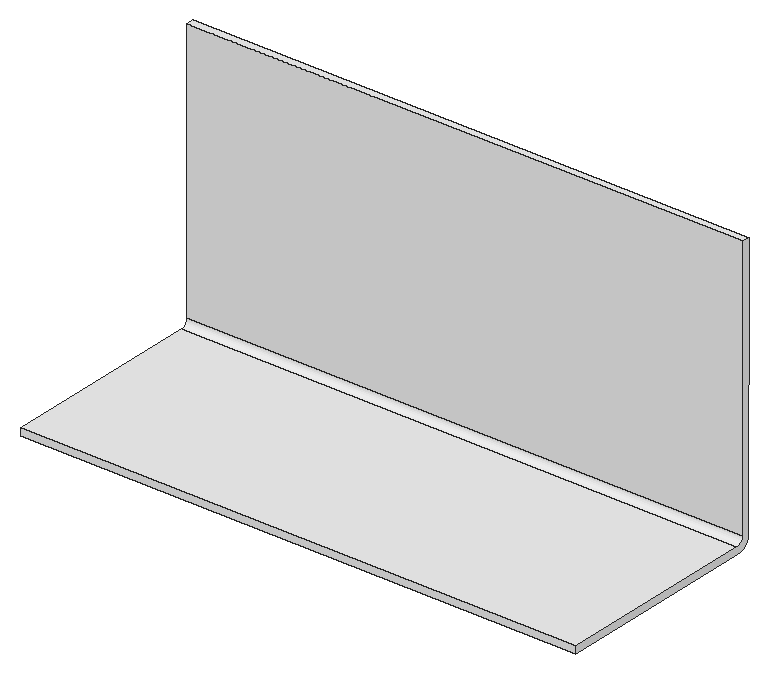
Revit family "JOMA_437", category Structural Connections, host Face, Revit 2017 (continued)
Nested families
  nested 72: "DetailItem5mm" at (110, -83, 0), visible <- "4370001 Spikmönster", type "DetailItem5mm"
  nested 73: "DetailItem5mm" at (-110, -33, 0), visible <- "4370001 Spikmönster", type "DetailItem5mm", not visible
  nested 74: "DetailItem5mm" at (-110, -53, 0), visible <- "4370001 Spikmönster", type "DetailItem5mm", not visible
  nested 75: "DetailItem5mm" at (-110, -73, 0), visible <- "4370001 Spikmönster", type "DetailItem5mm", not visible
  nested 76: "DetailItem5mm" at (-90, -43, 0), visible <- "4370001 Spikmönster", type "DetailItem5mm", not visible
  nested 77: "DetailItem5mm" at (-90, -63, 0), visible <- "4370001 Spikmönster", type "DetailItem5mm", not visible
  nested 78: "DetailItem5mm" at (-90, -83, 0), visible <- "4370001 Spikmönster", type "DetailItem5mm", not visible
  nested 79: "DetailItem5mm" at (-70, -73, 0), visible <- "4370001 Spikmönster", type "DetailItem5mm", not visible
  nested 80: "DetailItem5mm" at (-70, -53, 0), visible <- "4370001 Spikmönster", type "DetailItem5mm", not visible
  nested 81: "DetailItem5mm" at (-70, -33, 0), visible <- "4370001 Spikmönster", type "DetailItem5mm", not visible
  nested 82: "DetailItem5mm" at (-50, -43, 0), visible <- "4370001 Spikmönster", type "DetailItem5mm", not visible
  nested 83: "DetailItem5mm" at (-50, -63, 0), visible <- "4370001 Spikmönster", type "DetailItem5mm", not visible
  nested 84: "DetailItem5mm" at (-50, -83, 0), visible <- "4370001 Spikmönster", type "DetailItem5mm", not visible
  nested 85: "DetailItem5mm" at (-30, -73, 0), visible <- "4370001 Spikmönster", type "DetailItem5mm", not visible
  nested 86: "DetailItem5mm" at (-30, -53, 0), visible <- "4370001 Spikmönster", type "DetailItem5mm", not visible
  nested 87: "DetailItem5mm" at (-30, -33, 0), visible <- "4370001 Spikmönster", type "DetailItem5mm", not visible
  nested 88: "DetailItem5mm" at (-10, -43, 0), visible <- "4370001 Spikmönster", type "DetailItem5mm", not visible
  nested 89: "DetailItem5mm" at (-10, -63, 0), visible <- "4370001 Spikmönster", type "DetailItem5mm", not visible
  nested 90: "DetailItem5mm" at (-10, -83, 0), visible <- "4370001 Spikmönster", type "DetailItem5mm", not visible
  nested 91: "DetailItem5mm" at (10, -73, 0), visible <- "4370001 Spikmönster", type "DetailItem5mm", not visible
  nested 92: "DetailItem5mm" at (10, -53, 0), visible <- "4370001 Spikmönster", type "DetailItem5mm", not visible
  nested 93: "DetailItem5mm" at (10, -33, 0), visible <- "4370001 Spikmönster", type "DetailItem5mm", not visible
  nested 94: "DetailItem5mm" at (30, -43, 0), visible <- "4370001 Spikmönster", type "DetailItem5mm", not visible
  nested 95: "DetailItem5mm" at (30, -63, 0), visible <- "4370001 Spikmönster", type "DetailItem5mm", not visible
  nested 96: "DetailItem5mm" at (30, -83, 0), visible <- "4370001 Spikmönster", type "DetailItem5mm", not visible
  nested 97: "DetailItem5mm" at (50, -73, 0), visible <- "4370001 Spikmönster", type "DetailItem5mm", not visible
  nested 98: "DetailItem5mm" at (50, -53, 0), visible <- "4370001 Spikmönster", type "DetailItem5mm", not visible
  nested 99: "DetailItem5mm" at (50, -33, 0), visible <- "4370001 Spikmönster", type "DetailItem5mm", not visible
  nested 100: "DetailItem5mm" at (70, -43, 0), visible <- "4370001 Spikmönster", type "DetailItem5mm", not visible
  nested 101: "DetailItem5mm" at (70, -63, 0), visible <- "4370001 Spikmönster", type "DetailItem5mm", not visible
  nested 102: "DetailItem5mm" at (70, -83, 0), visible <- "4370001 Spikmönster", type "DetailItem5mm", not visible
  nested 103: "DetailItem5mm" at (90, -73, 0), visible <- "4370001 Spikmönster", type "DetailItem5mm", not visible
  nested 104: "DetailItem5mm" at (90, -53, 0), visible <- "4370001 Spikmönster", type "DetailItem5mm", not visible
  nested 105: "DetailItem5mm" at (90, -33, 0), visible <- "4370001 Spikmönster", type "DetailItem5mm", not visible
  nested 106: "DetailItem5mm" at (110, -43, 0), visible <- "4370001 Spikmönster", type "DetailItem5mm", not visible
  nested 107: "DetailItem5mm" at (110, -63, 0), visible <- "4370001 Spikmönster", type "DetailItem5mm", not visible
  nested 108: "DetailItem5mm" at (110, -83, 0), visible <- "4370001 Spikmönster", type "DetailItem5mm", not visible
  nested 109: "DetailItem5mm" at (-110, 0, 100.088) x (1, 0, 0) z (0, -1, 0), visible <- "4370001 Spikmönster", type "DetailItem5mm", not visible
  nested 110: "DetailItem5mm" at (-110, 0, 80) x (1, 0, 0) z (0, -1, 0), visible <- "4370001 Spikmönster", type "DetailItem5mm", not visible
  nested 111: "DetailItem5mm" at (-110, 0, 60) x (1, 0, 0) z (0, -1, 0), visible <- "4370001 Spikmönster", type "DetailItem5mm", not visible
  nested 112: "DetailItem5mm" at (-90, 0, 110) x (1, 0, 0) z (0, -1, 0), visible <- "4370001 Spikmönster", type "DetailItem5mm", not visible
  nested 113: "DetailItem5mm" at (-90, 0, 90) x (1, 0, 0) z (0, -1, 0), visible <- "4370001 Spikmönster", type "DetailItem5mm", not visible
  nested 114: "DetailItem5mm" at (-90, 0, 70) x (1, 0, 0) z (0, -1, 0), visible <- "4370001 Spikmönster", type "DetailItem5mm", not visible
  nested 115: "DetailItem5mm" at (-70, 0, 80) x (1, 0, 0) z (0, -1, 0), visible <- "4370001 Spikmönster", type "DetailItem5mm", not visible
  nested 116: "DetailItem5mm" at (-70, 0, 60) x (1, 0, 0) z (0, -1, 0), visible <- "4370001 Spikmönster", type "DetailItem5mm", not visible
  nested 117: "DetailItem5mm" at (-50, 0, 110) x (1, 0, 0) z (0, -1, 0), visible <- "4370001 Spikmönster", type "DetailItem5mm", not visible
  nested 118: "DetailItem5mm" at (-50, 0, 90) x (1, 0, 0) z (0, -1, 0), visible <- "4370001 Spikmönster", type "DetailItem5mm", not visible
  nested 119: "DetailItem5mm" at (-50, 0, 70) x (1, 0, 0) z (0, -1, 0), visible <- "4370001 Spikmönster", type "DetailItem5mm", not visible
  nested 120: "DetailItem5mm" at (-70, 0, 100) x (1, 0, 0) z (0, -1, 0), visible <- "4370001 Spikmönster", type "DetailItem5mm", not visible
  nested 121: "DetailItem5mm" at (-30, 0, 100) x (1, 0, 0) z (0, -1, 0), visible <- "4370001 Spikmönster", type "DetailItem5mm", not visible
  nested 122: "DetailItem5mm" at (-30, 0, 80) x (1, 0, 0) z (0, -1, 0), visible <- "4370001 Spikmönster", type "DetailItem5mm", not visible
  nested 123: "DetailItem5mm" at (-30, 0, 60) x (1, 0, 0) z (0, -1, 0), visible <- "4370001 Spikmönster", type "DetailItem5mm", not visible
  nested 124: "DetailItem5mm" at (-10, 0, 70) x (1, 0, 0) z (0, -1, 0), visible <- "4370001 Spikmönster", type "DetailItem5mm", not visible
  nested 125: "DetailItem5mm" at (-10, 0, 90) x (1, 0, 0) z (0, -1, 0), visible <- "4370001 Spikmönster", type "DetailItem5mm", not visible
  nested 126: "DetailItem5mm" at (-10, 0, 110) x (1, 0, 0) z (0, -1, 0), visible <- "4370001 Spikmönster", type "DetailItem5mm", not visible
  nested 127: "DetailItem5mm" at (10, 0, 100) x (1, 0, 0) z (0, -1, 0), visible <- "4370001 Spikmönster", type "DetailItem5mm", not visible
  nested 128: "DetailItem5mm" at (10, 0, 80) x (1, 0, 0) z (0, -1, 0), visible <- "4370001 Spikmönster", type "DetailItem5mm", not visible
  nested 129: "DetailItem5mm" at (10, 0, 60) x (1, 0, 0) z (0, -1, 0), visible <- "4370001 Spikmönster", type "DetailItem5mm", not visible
  nested 130: "DetailItem5mm" at (30, 0, 70) x (1, 0, 0) z (0, -1, 0), visible <- "4370001 Spikmönster", type "DetailItem5mm", not visible
  nested 131: "DetailItem5mm" at (30, 0, 90) x (1, 0, 0) z (0, -1, 0), visible <- "4370001 Spikmönster", type "DetailItem5mm", not visible
  nested 132: "DetailItem5mm" at (30, 0, 110) x (1, 0, 0) z (0, -1, 0), visible <- "4370001 Spikmönster", type "DetailItem5mm", not visible
  nested 133: "DetailItem5mm" at (50, 0, 100) x (1, 0, 0) z (0, -1, 0), visible <- "4370001 Spikmönster", type "DetailItem5mm", not visible
  nested 134: "DetailItem5mm" at (50, 0, 80) x (1, 0, 0) z (0, -1, 0), visible <- "4370001 Spikmönster", type "DetailItem5mm", not visible
  nested 135: "DetailItem5mm" at (50, 0, 60) x (1, 0, 0) z (0, -1, 0), visible <- "4370001 Spikmönster", type "DetailItem5mm", not visible
  nested 136: "DetailItem5mm" at (70, 0, 70) x (1, 0, 0) z (0, -1, 0), visible <- "4370001 Spikmönster", type "DetailItem5mm", not visible
  nested 137: "DetailItem5mm" at (70, 0, 90) x (1, 0, 0) z (0, -1, 0), visible <- "4370001 Spikmönster", type "DetailItem5mm", not visible
  nested 138: "DetailItem5mm" at (70, 0, 110) x (1, 0, 0) z (0, -1, 0), visible <- "4370001 Spikmönster", type "DetailItem5mm", not visible
  nested 139: "DetailItem5mm" at (90, 0, 100) x (1, 0, 0) z (0, -1, 0), visible <- "4370001 Spikmönster", type "DetailItem5mm", not visible
  nested 140: "DetailItem5mm" at (90, 0, 80) x (1, 0, 0) z (0, -1, 0), visible <- "4370001 Spikmönster", type "DetailItem5mm", not visible
  nested 141: "DetailItem5mm" at (90, 0, 60) x (1, 0, 0) z (0, -1, 0), visible <- "4370001 Spikmönster", type "DetailItem5mm", not visible
  nested 142: "DetailItem5mm" at (110, 0, 70) x (1, 0, 0) z (0, -1, 0), visible <- "4370001 Spikmönster", type "DetailItem5mm", not visible
  nested 143: "DetailItem5mm" at (110, 0, 90) x (1, 0, 0) z (0, -1, 0), visible <- "4370001 Spikmönster", type "DetailItem5mm", not visible
  nested 144: "DetailItem5mm" at (110, 0, 110) x (1, 0, 0) z (0, -1, 0), visible <- "4370001 Spikmönster", type "DetailItem5mm", not visible
  nested 145: "JOMA_301" at (0, -39.75, 3), visible <- "Förstärkningsbricka 3012002 3D", type "3012002"
  nested 146: "3012002_Hatch" at (0, -39.75, 15), visible <- "Förstärkningsbricka 3012002", type "3012002_Hatch"
  nested 147: "3012002_Hatch_Spikmönster" at (0, -39.75, 15), visible <- "Förstärkningsbricka 3012002 Spikmönster", type "3012002_Hatch_Spikmönster"
  nested 148: "Spikmonster" at (-75, -40, 15), visible <- "Förstärkningsbricka 3012002 Spikmönster", type "Ø13"
  nested 149: "Spikmonster" at (75, -40, 15), visible <- "Förstärkningsbricka 3012002 Spikmönster", type "Ø13"
  nested 150: "Spikmonster" at (-75, -40, 15), visible <- "Förstärkningsbricka 3012002 Spikmönster", type "Ø13", not visible
  nested 151: "Spikmonster" at (75, -40, 15), visible <- "Förstärkningsbricka 3012002 Spikmönster", type "Ø13", not visible
  nested 152: "Spikmonster" at (90, 0, 41) x (1, 0, 0) z (0, -1, 0), visible <- "4370004 Spikmönster", type "Ø5"
  nested 153: "Spikmonster" at (90, 0, 61) x (1, 0, 0) z (0, -1, 0), visible <- "4370004 Spikmönster", type "Ø5"
  nested 154: "Spikmonster" at (70, 0, 51) x (1, 0, 0) z (0, -1, 0), visible <- "4370004 Spikmönster", type "Ø5"
  nested 155: "Spikmonster" at (50, 0, 41) x (1, 0, 0) z (0, -1, 0), visible <- "4370004 Spikmönster", type "Ø5"
  nested 156: "Spikmonster" at (50, 0, 61) x (1, 0, 0) z (0, -1, 0), visible <- "4370004 Spikmönster", type "Ø5"
  nested 157: "Spikmonster" at (30, 0, 51) x (1, 0, 0) z (0, -1, 0), visible <- "4370004 Spikmönster", type "Ø5"
  nested 158: "Spikmonster" at (10, 0, 41) x (1, 0, 0) z (0, -1, 0), visible <- "4370004 Spikmönster", type "Ø5"
  nested 159: "Spikmonster" at (10, 0, 61) x (1, 0, 0) z (0, -1, 0), visible <- "4370004 Spikmönster", type "Ø5"
  nested 160: "Spikmonster" at (-10, 0, 51) x (1, 0, 0) z (0, -1, 0), visible <- "4370004 Spikmönster", type "Ø5"
  nested 161: "Spikmonster" at (-30, 0, 41) x (1, 0, 0) z (0, -1, 0), visible <- "4370004 Spikmönster", type "Ø5"
  nested 162: "Spikmonster" at (-30, 0, 61) x (1, 0, 0) z (0, -1, 0), visible <- "4370004 Spikmönster", type "Ø5"
  nested 163: "Spikmonster" at (-50, 0, 51) x (1, 0, 0) z (0, -1, 0), visible <- "4370004 Spikmönster", type "Ø5"
  nested 164: "Spikmonster" at (-70, 0, 41) x (1, 0, 0) z (0, -1, 0), visible <- "4370004 Spikmönster", type "Ø5"
  nested 165: "Spikmonster" at (-70, 0, 61) x (1, 0, 0) z (0, -1, 0), visible <- "4370004 Spikmönster", type "Ø5"
  nested 166: "Spikmonster" at (-90, 0, 51) x (1, 0, 0) z (0, -1, 0), visible <- "4370004 Spikmönster", type "Ø5"
  nested 167: "Spikmonster" at (90, 0, 41) x (1, 0, 0) z (0, -1, 0), visible <- "4370004 Spikmönster", type "Ø5", not visible
  nested 168: "Spikmonster" at (90, 0, 61) x (1, 0, 0) z (0, -1, 0), visible <- "4370004 Spikmönster", type "Ø5", not visible
  nested 169: "Spikmonster" at (70, 0, 51) x (1, 0, 0) z (0, -1, 0), visible <- "4370004 Spikmönster", type "Ø5", not visible
  nested 170: "Spikmonster" at (50, 0, 41) x (1, 0, 0) z (0, -1, 0), visible <- "4370004 Spikmönster", type "Ø5", not visible
  nested 171: "Spikmonster" at (50, 0, 61) x (1, 0, 0) z (0, -1, 0), visible <- "4370004 Spikmönster", type "Ø5", not visible
  nested 172: "Spikmonster" at (30, 0, 51) x (1, 0, 0) z (0, -1, 0), visible <- "4370004 Spikmönster", type "Ø5", not visible
  nested 173: "Spikmonster" at (10, 0, 41) x (1, 0, 0) z (0, -1, 0), visible <- "4370004 Spikmönster", type "Ø5", not visible
  nested 174: "Spikmonster" at (10, 0, 61) x (1, 0, 0) z (0, -1, 0), visible <- "4370004 Spikmönster", type "Ø5", not visible
  nested 175: "Spikmonster" at (-10, 0, 51) x (1, 0, 0) z (0, -1, 0), visible <- "4370004 Spikmönster", type "Ø5", not visible
  nested 176: "Spikmonster" at (-30, 0, 41) x (1, 0, 0) z (0, -1, 0), visible <- "4370004 Spikmönster", type "Ø5", not visible
  nested 177: "Spikmonster" at (-30, 0, 61) x (1, 0, 0) z (0, -1, 0), visible <- "4370004 Spikmönster", type "Ø5", not visible
  nested 178: "Spikmonster" at (-50, 0, 51) x (1, 0, 0) z (0, -1, 0), visible <- "4370004 Spikmönster", type "Ø5", not visible
  nested 179: "Spikmonster" at (-70, 0, 41) x (1, 0, 0) z (0, -1, 0), visible <- "4370004 Spikmönster", type "Ø5", not visible
  nested 180: "Spikmonster" at (-70, 0, 61) x (1, 0, 0) z (0, -1, 0), visible <- "4370004 Spikmönster", type "Ø5", not visible
  nested 181: "Spikmonster" at (-90, 0, 51) x (1, 0, 0) z (0, -1, 0), visible <- "4370004 Spikmönster", type "Ø5", not visible
  nested 182: "JOMA_301" at (0, -41.5, 3), visible <- "Förstärkningsbricka 3012003 3D", type "3012003"
  nested 183: "3012003_Hatch" at (0, -41.5, 15), visible <- "Förstärkningsbricka 3012003", type "3012003"
  nested 184: "3012003_Hatch_Spikmonster" at (0, -41.5, 15), visible <- "Förstärkningsbricka 3012003 Spikmönster", type "3012003"
  nested 185: "Spikmonster" at (110, 0, 109.919) x (1, 0, 0) z (0, -1, 0), visible <- "4370003 Spikmönster", type "Ø5"
  nested 186: "Spikmonster" at (110, 0, 90) x (1, 0, 0) z (0, -1, 0), visible <- "4370003 Spikmönster", type "Ø5"
  nested 187: "Spikmonster" at (110, 0, 70) x (1, 0, 0) z (0, -1, 0), visible <- "4370003 Spikmönster", type "Ø5"
  nested 188: "Spikmonster" at (90, 0, 60) x (1, 0, 0) z (0, -1, 0), visible <- "4370003 Spikmönster", type "Ø5"
  nested 189: "Spikmonster" at (90, 0, 80) x (1, 0, 0) z (0, -1, 0), visible <- "4370003 Spikmönster", type "Ø5"
  nested 190: "Spikmonster" at (90, 0, 100) x (1, 0, 0) z (0, -1, 0), visible <- "4370003 Spikmönster", type "Ø5"
  nested 191: "Spikmonster" at (70, 0, 110) x (1, 0, 0) z (0, -1, 0), visible <- "4370003 Spikmönster", type "Ø5"
  nested 192: "Spikmonster" at (70, 0, 90) x (1, 0, 0) z (0, -1, 0), visible <- "4370003 Spikmönster", type "Ø5"
  nested 193: "Spikmonster" at (70, 0, 70) x (1, 0, 0) z (0, -1, 0), visible <- "4370003 Spikmönster", type "Ø5"
  nested 194: "Spikmonster" at (50, 0, 60) x (1, 0, 0) z (0, -1, 0), visible <- "4370003 Spikmönster", type "Ø5"
  nested 195: "Spikmonster" at (50, 0, 80) x (1, 0, 0) z (0, -1, 0), visible <- "4370003 Spikmönster", type "Ø5"
  nested 196: "Spikmonster" at (50, 0, 100) x (1, 0, 0) z (0, -1, 0), visible <- "4370003 Spikmönster", type "Ø5"
  nested 197: "Spikmonster" at (30, 0, 110) x (1, 0, 0) z (0, -1, 0), visible <- "4370003 Spikmönster", type "Ø5"
  nested 198: "Spikmonster" at (30, 0, 90) x (1, 0, 0) z (0, -1, 0), visible <- "4370003 Spikmönster", type "Ø5"
  nested 199: "Spikmonster" at (30, 0, 70) x (1, 0, 0) z (0, -1, 0), visible <- "4370003 Spikmönster", type "Ø5"
  nested 200: "Spikmonster" at (10, 0, 100) x (1, 0, 0) z (0, -1, 0), visible <- "4370003 Spikmönster", type "Ø5"
  nested 201: "Spikmonster" at (10, 0, 80) x (1, 0, 0) z (0, -1, 0), visible <- "4370003 Spikmönster", type "Ø5"
  nested 202: "Spikmonster" at (10, 0, 60) x (1, 0, 0) z (0, -1, 0), visible <- "4370003 Spikmönster", type "Ø5"
  nested 203: "Spikmonster" at (-10, 0, 70) x (1, 0, 0) z (0, -1, 0), visible <- "4370003 Spikmönster", type "Ø5"
  nested 204: "Spikmonster" at (-10, 0, 90) x (1, 0, 0) z (0, -1, 0), visible <- "4370003 Spikmönster", type "Ø5"
  nested 205: "Spikmonster" at (-10, 0, 110) x (1, 0, 0) z (0, -1, 0), visible <- "4370003 Spikmönster", type "Ø5"
  nested 206: "Spikmonster" at (-30, 0, 60) x (1, 0, 0) z (0, -1, 0), visible <- "4370003 Spikmönster", type "Ø5"
  nested 207: "Spikmonster" at (-30, 0, 80) x (1, 0, 0) z (0, -1, 0), visible <- "4370003 Spikmönster", type "Ø5"
  nested 208: "Spikmonster" at (-30, 0, 100) x (1, 0, 0) z (0, -1, 0), visible <- "4370003 Spikmönster", type "Ø5"
  nested 209: "Spikmonster" at (-50, 0, 70) x (1, 0, 0) z (0, -1, 0), visible <- "4370003 Spikmönster", type "Ø5"
  nested 210: "Spikmonster" at (-50, 0, 90) x (1, 0, 0) z (0, -1, 0), visible <- "4370003 Spikmönster", type "Ø5"
  nested 211: "Spikmonster" at (-50, 0, 110) x (1, 0, 0) z (0, -1, 0), visible <- "4370003 Spikmönster", type "Ø5"
  nested 212: "Spikmonster" at (-70, 0, 100) x (1, 0, 0) z (0, -1, 0), visible <- "4370003 Spikmönster", type "Ø5"
  nested 213: "Spikmonster" at (-70, 0, 80) x (1, 0, 0) z (0, -1, 0), visible <- "4370003 Spikmönster", type "Ø5"
  nested 214: "Spikmonster" at (-70, 0, 60) x (1, 0, 0) z (0, -1, 0), visible <- "4370003 Spikmönster", type "Ø5"
  nested 215: "Spikmonster" at (-90, 0, 70) x (1, 0, 0) z (0, -1, 0), visible <- "4370003 Spikmönster", type "Ø5"
  nested 216: "Spikmonster" at (-90, 0, 90) x (1, 0, 0) z (0, -1, 0), visible <- "4370003 Spikmönster", type "Ø5"
  nested 217: "Spikmonster" at (-90, 0, 110) x (1, 0, 0) z (0, -1, 0), visible <- "4370003 Spikmönster", type "Ø5"
  nested 218: "Spikmonster" at (-110, 0, 100) x (1, 0, 0) z (0, -1, 0), visible <- "4370003 Spikmönster", type "Ø5"
  nested 219: "Spikmonster" at (-110, 0, 80) x (1, 0, 0) z (0, -1, 0), visible <- "4370003 Spikmönster", type "Ø5"
  nested 220: "Spikmonster" at (-110, 0, 60) x (1, 0, 0) z (0, -1, 0), visible <- "4370003 Spikmönster", type "Ø5"
  nested 221: "Spikmonster" at (110, 0, 249.919) x (1, 0, 0) z (0, -1, 0), visible <- "4370003 Spikmönster", type "Ø5", not visible
  nested 222: "Spikmonster" at (110, 0, 230) x (1, 0, 0) z (0, -1, 0), visible <- "4370003 Spikmönster", type "Ø5", not visible
  nested 223: "Spikmonster" at (110, 0, 210) x (1, 0, 0) z (0, -1, 0), visible <- "4370003 Spikmönster", type "Ø5", not visible
  nested 224: "Spikmonster" at (90, 0, 200) x (1, 0, 0) z (0, -1, 0), visible <- "4370003 Spikmönster", type "Ø5", not visible
  nested 225: "Spikmonster" at (90, 0, 220) x (1, 0, 0) z (0, -1, 0), visible <- "4370003 Spikmönster", type "Ø5", not visible
  nested 226: "Spikmonster" at (90, 0, 240) x (1, 0, 0) z (0, -1, 0), visible <- "4370003 Spikmönster", type "Ø5", not visible
  nested 227: "Spikmonster" at (70, 0, 250) x (1, 0, 0) z (0, -1, 0), visible <- "4370003 Spikmönster", type "Ø5", not visible
  nested 228: "Spikmonster" at (70, 0, 230) x (1, 0, 0) z (0, -1, 0), visible <- "4370003 Spikmönster", type "Ø5", not visible
  nested 229: "Spikmonster" at (70, 0, 210) x (1, 0, 0) z (0, -1, 0), visible <- "4370003 Spikmönster", type "Ø5", not visible
  nested 230: "Spikmonster" at (50, 0, 200) x (1, 0, 0) z (0, -1, 0), visible <- "4370003 Spikmönster", type "Ø5", not visible
  nested 231: "Spikmonster" at (50, 0, 220) x (1, 0, 0) z (0, -1, 0), visible <- "4370003 Spikmönster", type "Ø5", not visible
  nested 232: "Spikmonster" at (50, 0, 240) x (1, 0, 0) z (0, -1, 0), visible <- "4370003 Spikmönster", type "Ø5", not visible
  nested 233: "Spikmonster" at (30, 0, 250) x (1, 0, 0) z (0, -1, 0), visible <- "4370003 Spikmönster", type "Ø5", not visible
  nested 234: "Spikmonster" at (30, 0, 230) x (1, 0, 0) z (0, -1, 0), visible <- "4370003 Spikmönster", type "Ø5", not visible
  nested 235: "Spikmonster" at (30, 0, 210) x (1, 0, 0) z (0, -1, 0), visible <- "4370003 Spikmönster", type "Ø5", not visible
  nested 236: "Spikmonster" at (10, 0, 240) x (1, 0, 0) z (0, -1, 0), visible <- "4370003 Spikmönster", type "Ø5", not visible
  nested 237: "Spikmonster" at (10, 0, 220) x (1, 0, 0) z (0, -1, 0), visible <- "4370003 Spikmönster", type "Ø5", not visible
  nested 238: "Spikmonster" at (10, 0, 200) x (1, 0, 0) z (0, -1, 0), visible <- "4370003 Spikmönster", type "Ø5", not visible
  nested 239: "Spikmonster" at (-10, 0, 210) x (1, 0, 0) z (0, -1, 0), visible <- "4370003 Spikmönster", type "Ø5", not visible
  nested 240: "Spikmonster" at (-10, 0, 230) x (1, 0, 0) z (0, -1, 0), visible <- "4370003 Spikmönster", type "Ø5", not visible
  nested 241: "Spikmonster" at (-10, 0, 250) x (1, 0, 0) z (0, -1, 0), visible <- "4370003 Spikmönster", type "Ø5", not visible
  nested 242: "Spikmonster" at (-30, 0, 200) x (1, 0, 0) z (0, -1, 0), visible <- "4370003 Spikmönster", type "Ø5", not visible
  nested 243: "Spikmonster" at (-30, 0, 220) x (1, 0, 0) z (0, -1, 0), visible <- "4370003 Spikmönster", type "Ø5", not visible
  nested 244: "Spikmonster" at (-30, 0, 240) x (1, 0, 0) z (0, -1, 0), visible <- "4370003 Spikmönster", type "Ø5", not visible
  nested 245: "Spikmonster" at (-50, 0, 210) x (1, 0, 0) z (0, -1, 0), visible <- "4370003 Spikmönster", type "Ø5", not visible
  nested 246: "Spikmonster" at (-50, 0, 230) x (1, 0, 0) z (0, -1, 0), visible <- "4370003 Spikmönster", type "Ø5", not visible
  nested 247: "Spikmonster" at (-50, 0, 250) x (1, 0, 0) z (0, -1, 0), visible <- "4370003 Spikmönster", type "Ø5", not visible
  nested 248: "Spikmonster" at (-70, 0, 240) x (1, 0, 0) z (0, -1, 0), visible <- "4370003 Spikmönster", type "Ø5", not visible
  nested 249: "Spikmonster" at (-70, 0, 220) x (1, 0, 0) z (0, -1, 0), visible <- "4370003 Spikmönster", type "Ø5", not visible
  nested 250: "Spikmonster" at (-70, 0, 200) x (1, 0, 0) z (0, -1, 0), visible <- "4370003 Spikmönster", type "Ø5", not visible
  nested 251: "Spikmonster" at (-90, 0, 210) x (1, 0, 0) z (0, -1, 0), visible <- "4370003 Spikmönster", type "Ø5", not visible
  nested 252: "Spikmonster" at (-90, 0, 230) x (1, 0, 0) z (0, -1, 0), visible <- "4370003 Spikmönster", type "Ø5", not visible
  nested 253: "Spikmonster" at (-90, 0, 250) x (1, 0, 0) z (0, -1, 0), visible <- "4370003 Spikmönster", type "Ø5", not visible
  nested 254: "Spikmonster" at (-110, 0, 240) x (1, 0, 0) z (0, -1, 0), visible <- "4370003 Spikmönster", type "Ø5", not visible
  nested 255: "Spikmonster" at (-110, 0, 220) x (1, 0, 0) z (0, -1, 0), visible <- "4370003 Spikmönster", type "Ø5", not visible
  nested 256: "Spikmonster" at (-110, 0, 200) x (1, 0, 0) z (0, -1, 0), visible <- "4370003 Spikmönster", type "Ø5", not visible
  nested 257: "Spikmonster" at (-90, 0, 100) x (1, 0, 0) z (0, -1, 0), visible <- "4370002 Spikmönster", type "Ø5"
  nested 258: "Spikmonster" at (-90, 0, 80) x (1, 0, 0) z (0, -1, 0), visible <- "4370002 Spikmönster", type "Ø5"
  nested 259: "Spikmonster" at (-90, 0, 60) x (1, 0, 0) z (0, -1, 0), visible <- "4370002 Spikmönster", type "Ø5"
  nested 260: "Spikmonster" at (-69.772, 0, 89.99) x (1, 0, 0) z (0, -1, 0), visible <- "4370002 Spikmönster", type "Ø5"
  nested 261: "Spikmonster" at (-69.772, 0, 69.99) x (1, 0, 0) z (0, -1, 0), visible <- "4370002 Spikmönster", type "Ø5"
  nested 262: "Spikmonster" at (-69.772, 0, 109.99) x (1, 0, 0) z (0, -1, 0), visible <- "4370002 Spikmönster", type "Ø5"
  nested 263: "Spikmonster" at (-50.157, 0, 99.995) x (1, 0, 0) z (0, -1, 0), visible <- "4370002 Spikmönster", type "Ø5"
  nested 264: "Spikmonster" at (-50.157, 0, 79.995) x (1, 0, 0) z (0, -1, 0), visible <- "4370002 Spikmönster", type "Ø5"
  nested 265: "Spikmonster" at (-50.157, 0, 59.995) x (1, 0, 0) z (0, -1, 0), visible <- "4370002 Spikmönster", type "Ø5"
  nested 266: "Spikmonster" at (-30, 0, 70) x (1, 0, 0) z (0, -1, 0), visible <- "4370002 Spikmönster", type "Ø5"
  nested 267: "Spikmonster" at (-30, 0, 90) x (1, 0, 0) z (0, -1, 0), visible <- "4370002 Spikmönster", type "Ø5"
  nested 268: "Spikmonster" at (-30, 0, 110) x (1, 0, 0) z (0, -1, 0), visible <- "4370002 Spikmönster", type "Ø5"
  nested 269: "Spikmonster" at (-10, 0, 100) x (1, 0, 0) z (0, -1, 0), visible <- "4370002 Spikmönster", type "Ø5"
  nested 270: "Spikmonster" at (-10, 0, 80) x (1, 0, 0) z (0, -1, 0), visible <- "4370002 Spikmönster", type "Ø5"
  nested 271: "Spikmonster" at (-10, 0, 60) x (1, 0, 0) z (0, -1, 0), visible <- "4370002 Spikmönster", type "Ø5"
  nested 272: "Spikmonster" at (9.996, 0, 70) x (1, 0, 0) z (0, -1, 0), visible <- "4370002 Spikmönster", type "Ø5"
  nested 273: "Spikmonster" at (10, 0, 90) x (1, 0, 0) z (0, -1, 0), visible <- "4370002 Spikmönster", type "Ø5"
  nested 274: "Spikmonster" at (10, 0, 110) x (1, 0, 0) z (0, -1, 0), visible <- "4370002 Spikmönster", type "Ø5"
  nested 275: "Spikmonster" at (30, 0, 100) x (1, 0, 0) z (0, -1, 0), visible <- "4370002 Spikmönster", type "Ø5"
  nested 276: "Spikmonster" at (30, 0, 80) x (1, 0, 0) z (0, -1, 0), visible <- "4370002 Spikmönster", type "Ø5"
  nested 277: "Spikmonster" at (30, 0, 60) x (1, 0, 0) z (0, -1, 0), visible <- "4370002 Spikmönster", type "Ø5"
  nested 278: "Spikmonster" at (50, 0, 70) x (1, 0, 0) z (0, -1, 0), visible <- "4370002 Spikmönster", type "Ø5"
  nested 279: "Spikmonster" at (50, 0, 90) x (1, 0, 0) z (0, -1, 0), visible <- "4370002 Spikmönster", type "Ø5"
  nested 280: "Spikmonster" at (50, 0, 110) x (1, 0, 0) z (0, -1, 0), visible <- "4370002 Spikmönster", type "Ø5"
  nested 281: "Spikmonster" at (70.111, 0, 99.998) x (1, 0, 0) z (0, -1, 0), visible <- "4370002 Spikmönster", type "Ø5"
  nested 282: "Spikmonster" at (70.111, 0, 79.998) x (1, 0, 0) z (0, -1, 0), visible <- "4370002 Spikmönster", type "Ø5"
  nested 283: "Spikmonster" at (70.111, 0, 59.998) x (1, 0, 0) z (0, -1, 0), visible <- "4370002 Spikmönster", type "Ø5"
  nested 284: "Spikmonster" at (90, 0, 70) x (1, 0, 0) z (0, -1, 0), visible <- "4370002 Spikmönster", type "Ø5"
  nested 285: "Spikmonster" at (90, 0, 90) x (1, 0, 0) z (0, -1, 0), visible <- "4370002 Spikmönster", type "Ø5"
  nested 286: "Spikmonster" at (90, 0, 110) x (1, 0, 0) z (0, -1, 0), visible <- "4370002 Spikmönster", type "Ø5"
  nested 287: "Spikmonster" at (-90, 0, 100) x (1, 0, 0) z (0, -1, 0), visible <- "4370002 Spikmönster", type "Ø5", not visible
  nested 288: "Spikmonster" at (-90, 0, 80) x (1, 0, 0) z (0, -1, 0), visible <- "4370002 Spikmönster", type "Ø5", not visible
  nested 289: "Spikmonster" at (-90, 0, 60) x (1, 0, 0) z (0, -1, 0), visible <- "4370002 Spikmönster", type "Ø5", not visible
  nested 290: "Spikmonster" at (-69.772, 0, 89.99) x (1, 0, 0) z (0, -1, 0), visible <- "4370002 Spikmönster", type "Ø5", not visible
  nested 291: "Spikmonster" at (-69.772, 0, 69.99) x (1, 0, 0) z (0, -1, 0), visible <- "4370002 Spikmönster", type "Ø5", not visible
  nested 292: "Spikmonster" at (-69.772, 0, 109.99) x (1, 0, 0) z (0, -1, 0), visible <- "4370002 Spikmönster", type "Ø5", not visible
  nested 293: "Spikmonster" at (-50.157, 0, 99.995) x (1, 0, 0) z (0, -1, 0), visible <- "4370002 Spikmönster", type "Ø5", not visible
  nested 294: "Spikmonster" at (-50.157, 0, 79.995) x (1, 0, 0) z (0, -1, 0), visible <- "4370002 Spikmönster", type "Ø5", not visible
  nested 295: "Spikmonster" at (-50.157, 0, 59.995) x (1, 0, 0) z (0, -1, 0), visible <- "4370002 Spikmönster", type "Ø5", not visible
  nested 296: "Spikmonster" at (-30, 0, 70) x (1, 0, 0) z (0, -1, 0), visible <- "4370002 Spikmönster", type "Ø5", not visible
  nested 297: "Spikmonster" at (-30, 0, 90) x (1, 0, 0) z (0, -1, 0), visible <- "4370002 Spikmönster", type "Ø5", not visible
  nested 298: "Spikmonster" at (-30, 0, 110) x (1, 0, 0) z (0, -1, 0), visible <- "4370002 Spikmönster", type "Ø5", not visible
  nested 299: "Spikmonster" at (-10, 0, 100) x (1, 0, 0) z (0, -1, 0), visible <- "4370002 Spikmönster", type "Ø5", not visible
  nested 300: "Spikmonster" at (-10, 0, 80) x (1, 0, 0) z (0, -1, 0), visible <- "4370002 Spikmönster", type "Ø5", not visible
  nested 301: "Spikmonster" at (-10, 0, 60) x (1, 0, 0) z (0, -1, 0), visible <- "4370002 Spikmönster", type "Ø5", not visible
  nested 302: "Spikmonster" at (9.996, 0, 70) x (1, 0, 0) z (0, -1, 0), visible <- "4370002 Spikmönster", type "Ø5", not visible
  nested 303: "Spikmonster" at (10, 0, 90) x (1, 0, 0) z (0, -1, 0), visible <- "4370002 Spikmönster", type "Ø5", not visible
  nested 304: "Spikmonster" at (10, 0, 110) x (1, 0, 0) z (0, -1, 0), visible <- "4370002 Spikmönster", type "Ø5", not visible
  nested 305: "Spikmonster" at (30, 0, 100) x (1, 0, 0) z (0, -1, 0), visible <- "4370002 Spikmönster", type "Ø5", not visible
  nested 306: "Spikmonster" at (30, 0, 80) x (1, 0, 0) z (0, -1, 0), visible <- "4370002 Spikmönster", type "Ø5", not visible
  nested 307: "Spikmonster" at (30, 0, 60) x (1, 0, 0) z (0, -1, 0), visible <- "4370002 Spikmönster", type "Ø5", not visible
  nested 308: "Spikmonster" at (50, 0, 70) x (1, 0, 0) z (0, -1, 0), visible <- "4370002 Spikmönster", type "Ø5", not visible
  nested 309: "Spikmonster" at (50, 0, 90) x (1, 0, 0) z (0, -1, 0), visible <- "4370002 Spikmönster", type "Ø5", not visible
  nested 310: "Spikmonster" at (50, 0, 110) x (1, 0, 0) z (0, -1, 0), visible <- "4370002 Spikmönster", type "Ø5", not visible
  nested 311: "Spikmonster" at (70.111, 0, 99.998) x (1, 0, 0) z (0, -1, 0), visible <- "4370002 Spikmönster", type "Ø5", not visible
  nested 312: "Spikmonster" at (70.111, 0, 79.998) x (1, 0, 0) z (0, -1, 0), visible <- "4370002 Spikmönster", type "Ø5", not visible
  nested 313: "Spikmonster" at (70.111, 0, 59.998) x (1, 0, 0) z (0, -1, 0), visible <- "4370002 Spikmönster", type "Ø5", not visible
  nested 314: "Spikmonster" at (90, 0, 70) x (1, 0, 0) z (0, -1, 0), visible <- "4370002 Spikmönster", type "Ø5", not visible
  nested 315: "Spikmonster" at (90, 0, 90) x (1, 0, 0) z (0, -1, 0), visible <- "4370002 Spikmönster", type "Ø5", not visible
  nested 316: "Spikmonster" at (90, 0, 110) x (1, 0, 0) z (0, -1, 0), visible <- "4370002 Spikmönster", type "Ø5", not visible
  nested 317: "Spikmonster" at (-80.867, -42.001, 15), visible <- "4370003U Spikmönster", type "Ø17"
  nested 318: "Spikmonster" at (81, -42, 15), visible <- "4370003U Spikmönster", type "Ø17"
  nested 319: "Spikmonster" at (-80.867, -42.001, 15), visible <- "4370003U Spikmönster", type "Ø17", not visible
  nested 320: "Spikmonster" at (81, -42, 15), visible <- "4370003U Spikmönster", type "Ø17", not visible
  nested 321: "Spikmonster" at (75, -40, 15), visible <- "4370004U Spikmönster", type "Ø13"
  nested 322: "Spikmonster" at (-75, -40, 15), visible <- "4370004U Spikmönster", type "Ø13"
  nested 323: "Spikmonster" at (75, -40, 15), visible <- "4370004U Spikmönster", type "Ø13", not visible
  nested 324: "Spikmonster" at (-75, -40, 15), visible <- "4370004U Spikmönster", type "Ø13", not visible
  nested 325: "Spikmonster" at (75, -40, 15), visible <- "4370002U Spikmönster", type "Ø13"
  nested 326: "Spikmonster" at (-75, -40, 15), visible <- "4370002U Spikmönster", type "Ø13"
  nested 327: "Spikmonster" at (75, -40, 15), visible <- "4370002U Spikmönster", type "Ø13", not visible
  nested 328: "Spikmonster" at (-75, -40, 15), visible <- "4370002U Spikmönster", type "Ø13", not visible
Definition of nested family "JOMA_301"
  Parameters (values of type "3012003")
    t = 12 mm
    l = 73 mm
    b = 230 mm
    Default Elevation = 1219.2 mm
  Types (2, lengths in mm): name | l | b
    3012002 | 69.5 | 190
    3012003 | 73 | 230
  Reference planes
    plane 1 "Center (Front/Back)": y = 0
    plane 2: z = 0
    plane 3 "Center (Left/Right)": x = 0
  Forms (mm)
    Extrusion 1, solid
      sketch origin (0, 0, 0) x (1, 0, 0) y (0, 1, 0)
        loop
          line (-1219.2, 1219.2) -> (-1219.2, -1219.2) -> (1219.2, -1219.2) -> (1219.2, 1219.2) -> (-1219.2, 1219.2)
      from 0 to -304.8
    Extrusion 2, solid
      sketch origin (0, 0, 0) x (1, 0, 0) y (0, 1, 0)
        loop
          line (-115, -36.5) -> (115, -36.5) -> (115, 36.5) -> (-115, 36.5) -> (-115, -36.5)
      from 0 to 12 <- "t"
  Dimensions and locks
    "l": Extrusion 2 sketch curve to Extrusion 2 sketch curve
    equal spacing: Extrusion 2 sketch curve, plane 1 "Center (Front/Back)", Extrusion 2 sketch curve
    "b": Extrusion 2 sketch curve to Extrusion 2 sketch curve
    equal spacing: Extrusion 2 sketch curve, plane 3 "Center (Left/Right)", Extrusion 2 sketch curve
    aligned and locked: plane 2 to Extrusion 1
    aligned and locked: level to Extrusion 1
    aligned and locked: Extrusion 2 to level
  Automatic sketch dimensions
    Extrusion 1 sketch curve to Extrusion 1 sketch curve = 2438.4 mm  (x2)
Definition of nested family "DetailItem5mm"
  Reference planes
    plane 1 "Center (Front/Back)": y = 0
    plane 2: z = 0
    plane 3 "Center (Left/Right)": x = 0
  Lines and regions (mm)
    Filled region 1, type "Solid Fill - Black", in view "Ref. Level"
      outline origin (0, 0, 0) x (1, 0, 0) y (0, 1, 0)
        loop
          circle (0, 0) r 2.5
Definition of nested family "3012002_Hatch"
  Reference planes
    plane 1 "Center (Front/Back)": y = 0
    plane 2: z = 0
    plane 3 "Center (Left/Right)": x = 0
  Lines and regions (mm)
    Filled region 1, type "3012002_Hatch", in view "Ref. Level"
      outline origin (0, 0, 0) x (1, 0, 0) y (0, 1, 0)
        loop
          line (67.254, 34.75) -> (-67.254, 34.75)
          arc (-67.254, 34.75) -> (-75, 28.75) -> (-82.746, 34.75) r 8
          line (-82.746, 34.75) -> (-95, 34.75) -> (-95, -34.75) -> (95, -34.75) -> (95, 34.75) -> (82.746, 34.75)
          arc (82.746, 34.75) -> (75, 28.75) -> (67.254, 34.75) r 8
        loop
          circle (-75, -0.25) r 6.5
        loop
          circle (75, -0.25) r 6.5
    detail lines, in view "Ref. Level"
      curve 1: circle (-75, -31.75, 0) r 6.5 normal (0, 0, -1)
      curve 2: circle (75, -31.75, 0) r 6.5 normal (0, 0, -1)
Definition of nested family "3012002_Hatch_Spikmönster"
  Reference planes
    plane 1 "Center (Front/Back)": y = 0
    plane 2: z = 0
    plane 3 "Center (Left/Right)": x = 0
  Lines and regions (mm)
    Filled region 1, type "3012002_Hatch", in view "Ref. Level"
      outline origin (0, 0, 0) x (1, 0, 0) y (0, 1, 0)
        loop
          line (67.254, 34.75) -> (-67.254, 34.75)
          arc (-67.254, 34.75) -> (-75, 28.75) -> (-82.746, 34.75) r 8
          line (-82.746, 34.75) -> (-95, 34.75) -> (-95, -34.75) -> (95, -34.75) -> (95, 34.75) -> (82.746, 34.75)
          arc (82.746, 34.75) -> (75, 28.75) -> (67.254, 34.75) r 8
        loop
          circle (-75, -0.25) r 6.5
        loop
          circle (75, -0.25) r 6.5
    Filled region 2, type "Solid Fill - Black", in view "Ref. Level"
      outline origin (0, 0, 0) x (1, 0, 0) y (0, 1, 0)
        loop
          circle (-75, -0.25) r 6.5
        loop
          circle (75, -0.25) r 6.5
    detail lines, in view "Ref. Level"
      curve 1: circle (-75, -31.75, 0) r 6.5 normal (0, 0, -1)
      curve 2: circle (75, -31.75, 0) r 6.5 normal (0, 0, -1)
Definition of nested family "Spikmonster"
  Parameters (values of type "Ø17")
    Radie = 8.5 mm
  Types (3, lengths in mm): name | Radie
    Ø5 | 2.5
    Ø13 | 6.5
    Ø17 | 8.5
  Reference planes
    plane 1 "Center (Front/Back)": y = 0
    plane 2: z = 0
    plane 3 "Center (Left/Right)": x = 0
  Lines and regions (mm)
    Filled region 1, type "Solid Fill - Black", in view "Ref. Level"
      outline origin (0, 0, 0) x (1, 0, 0) y (0, 1, 0)
        loop
          circle (0, 0) r 8.5
  Dimensions and locks
    "Radie": radius of Filled region 1 sketch curve
  Automatic sketch dimensions
    plane 1 "Center (Front/Back)" to Filled region 1 sketch curve = 0 mm
    Filled region 1 sketch curve to plane 3 "Center (Left/Right)" = 0 mm
Definition of nested family "3012003_Hatch"
  Reference planes
    plane 1 "Center (Front/Back)": y = 0
    plane 2: z = 0
    plane 3 "Center (Left/Right)": x = 0
  Lines and regions (mm)
    Filled region 1, type "3012003", in view "Ref. Level"
      outline origin (0, 0, 0) x (1, 0, 0) y (0, 1, 0)
        loop
          line (-90, 36.5) -> (-115, 36.5) -> (-115, -36.5) -> (115, -36.5) -> (115, 36.5) -> (90, 36.5)
          arc (90, 36.5) -> (81, 27.5) -> (72, 36.5) r 9
          line (72, 36.5) -> (-72, 36.5)
          arc (-72, 36.5) -> (-81, 27.5) -> (-90, 36.5) r 9
        loop
          circle (-81, -0.5) r 8.5
        loop
          circle (81, -0.5) r 8.5
    detail lines, in view "Ref. Level"
      curve 1: circle (81, -40.5, 15) r 8.5 normal (0, 0, 1)
      curve 2: circle (-81, -40.5, 15) r 8.5 normal (0, 0, 1)
Definition of nested family "3012003_Hatch_Spikmonster"
  Reference planes
    plane 1 "Center (Front/Back)": y = 0
    plane 2: z = 0
    plane 3 "Center (Left/Right)": x = 0
  Lines and regions (mm)
    Filled region 1, type "3012003", in view "Ref. Level"
      outline origin (0, 0, 0) x (1, 0, 0) y (0, 1, 0)
        loop
          line (-90, 36.5) -> (-115, 36.5) -> (-115, -36.5) -> (115, -36.5) -> (115, 36.5) -> (90, 36.5)
          arc (90, 36.5) -> (81, 27.5) -> (72, 36.5) r 9
          line (72, 36.5) -> (-72, 36.5)
          arc (-72, 36.5) -> (-81, 27.5) -> (-90, 36.5) r 9
        loop
          circle (-81, -0.5) r 8.5
        loop
          circle (81, -0.5) r 8.5
    Filled region 2, type "Solid Fill - Black", in view "Ref. Level"
      outline origin (0, 0, 0) x (1, 0, 0) y (0, 1, 0)
        loop
          circle (-81, -0.5) r 8.5
        loop
          circle (81, -0.5) r 8.5
    detail lines, in view "Ref. Level"
      curve 1: circle (81, -40.5, 15) r 8.5 normal (0, 0, 1)
      curve 2: circle (-81, -40.5, 15) r 8.5 normal (0, 0, 1)
Types (8, lengths in mm): name | l | h | b | Vikt (kg) | Typ Förstärkningsbricka | Typ | Förstärkningsbricka 3012003 3D | Förstärkningsbricka 3012003 | Förstärkningsbricka 3012002 3D | Förstärkningsbricka 3012002 | Förstärkningsbricka | Bult (betong) | Beslag 4370004 Grafik | Beslag 4370003 Grafik | Beslag 4370002 Grafik | Beslag 4370004 | Beslag 4370003 | Beslag 4370002 | Beslag 4370001
  (no name) | 240 | 120 | 93 | "1,15" | "" | "VINKEL 4370001" | no | no | no | no | no | "" | yes | no | no | no | no | no | yes
  4370001 | 240 | 120 | 93 | "1,15" | "" | "VINKEL 4370001" | no | no | no | no | no | "" | yes | no | no | no | no | no | yes
  4370002 | 200 | 120 | 103 | "1,04" | "" | "VINKEL 4370002" | no | no | no | no | no | "BULT M13" | yes | no | yes | no | no | yes | no
  4370003 | 240 | 120 | 123 | "1,04" | "" | "VINKEL 4370003" | no | no | no | no | no | "BULT M17" | yes | yes | no | no | yes | no | no
  4370004 | 200 | 71 | 103 | "0,78" | "" | "VINKEL 4370004" | no | no | no | no | no | "BULT M13" | yes | no | yes | yes | no | no | no
  4370002 med 3012002 | 200 | 120 | 103 | "1,04 + 1,33" | "FÖRSTÄRKNINGSBRICKA 3012002" | "VINKEL 4370002" | no | no | yes | yes | yes | "BULT M13" | no | no | no | no | no | yes | no
  4370004 med 3012002 | 200 | 71 | 103 | "0,78 + 1,33" | "FÖRSTÄRKNINGSBRICKA 3012002" | "VINKEL 4370004" | no | no | yes | yes | yes | "BULT M13" | no | no | no | yes | no | no | no
  4370003 med 3012003 | 240 | 120 | 123 | "1,04 + 1,62" | "FÖRSTÄRKNINGSBRICKA 3012003" | "VINKEL 4370003" | yes | yes | no | no | yes | "BULT M17" | yes | no | no | no | yes | no | no
